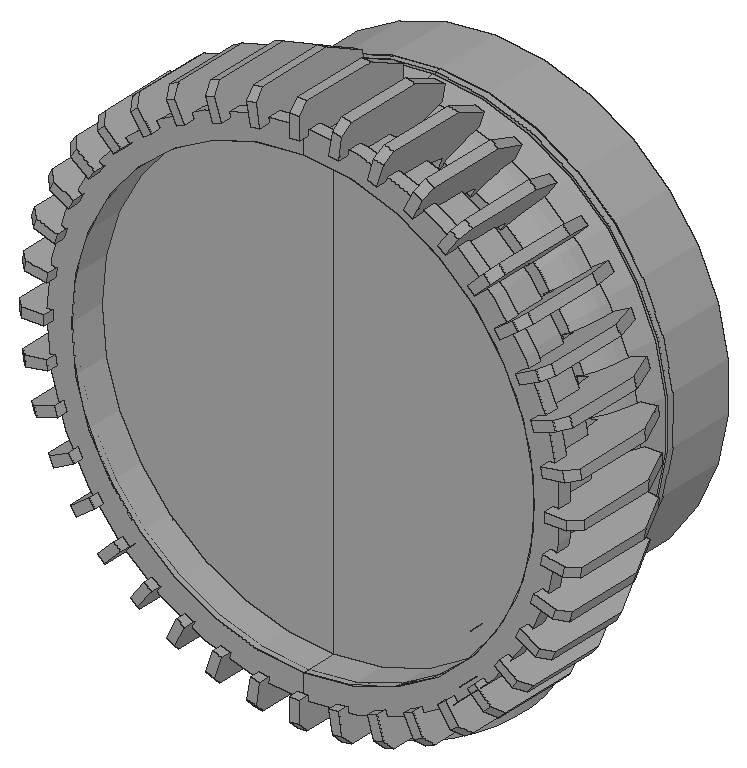
Revit family "KSL_Kemlu-Wall Mount", category Lighting Fixtures, host Face, Revit 2021 (continued)
Definition of nested family "KSL"
  Automatic sketch dimensions
    Extrusion 35 sketch curve to Extrusion 35 sketch curve = 0' - 0.43044"
    Extrusion 35 sketch curve to Extrusion 35 sketch curve = 0' - 0.57179"
    Extrusion 35 sketch curve to Extrusion 35 sketch curve = 0' - 0 1/4"  (x2)
    Extrusion 35 sketch curve to Extrusion 35 sketch curve = 0' - 0.39395"
    Extrusion 35 sketch curve to Extrusion 35 sketch curve = 0' - 1.02515"
    Extrusion 35 sketch curve to Extrusion 35 sketch curve = 0' - 0.67103"
    Extrusion 35 sketch curve to Extrusion 35 sketch curve = 0' - 1.93305"
    Extrusion 35 sketch curve to Extrusion 35 sketch curve = 0' - 0.08345"
    Extrusion 36 sketch curve to Extrusion 36 sketch curve = 0' - 0 7/16"
    Extrusion 36 sketch curve to Extrusion 36 sketch curve = 0' - 0.13206"
    Extrusion 36 sketch curve to Extrusion 36 sketch curve = 0' - 0.295"
    Extrusion 36 sketch curve to Extrusion 36 sketch curve = 0' - 0.38321"
    Extrusion 36 sketch curve to Extrusion 36 sketch curve = 0' - 0.43044"
    Extrusion 36 sketch curve to Extrusion 36 sketch curve = 0' - 0.57179"
    Extrusion 36 sketch curve to Extrusion 36 sketch curve = 0' - 0 1/4"  (x2)
    Extrusion 36 sketch curve to Extrusion 36 sketch curve = 0' - 0.39395"
    Extrusion 36 sketch curve to Extrusion 36 sketch curve = 0' - 1.02515"
    Extrusion 36 sketch curve to Extrusion 36 sketch curve = 0' - 0.67103"
    Extrusion 36 sketch curve to Extrusion 36 sketch curve = 0' - 1.93305"
    Extrusion 36 sketch curve to Extrusion 36 sketch curve = 0' - 0.08345"
    Extrusion 37 sketch curve to Extrusion 37 sketch curve = 0' - 0 7/16"
    Extrusion 37 sketch curve to Extrusion 37 sketch curve = 0' - 0.13206"
    Extrusion 37 sketch curve to Extrusion 37 sketch curve = 0' - 0.295"
    Extrusion 37 sketch curve to Extrusion 37 sketch curve = 0' - 0.38321"
    Extrusion 37 sketch curve to Extrusion 37 sketch curve = 0' - 0.43044"
    Extrusion 37 sketch curve to Extrusion 37 sketch curve = 0' - 0.57179"
    Extrusion 37 sketch curve to Extrusion 37 sketch curve = 0' - 0 1/4"  (x2)
    Extrusion 37 sketch curve to Extrusion 37 sketch curve = 0' - 0.39395"
    Extrusion 37 sketch curve to Extrusion 37 sketch curve = 0' - 1.02515"
    Extrusion 37 sketch curve to Extrusion 37 sketch curve = 0' - 0.67103"
    Extrusion 37 sketch curve to Extrusion 37 sketch curve = 0' - 1.93305"
    Extrusion 37 sketch curve to Extrusion 37 sketch curve = 0' - 0.08345"
    Extrusion 38 sketch curve to Extrusion 38 sketch curve = 0' - 0 7/16"
    Extrusion 38 sketch curve to Extrusion 38 sketch curve = 0' - 0.13206"
    Extrusion 38 sketch curve to Extrusion 38 sketch curve = 0' - 0.295"
    Extrusion 38 sketch curve to Extrusion 38 sketch curve = 0' - 0.38321"
    Extrusion 38 sketch curve to Extrusion 38 sketch curve = 0' - 0.43044"
    Extrusion 38 sketch curve to Extrusion 38 sketch curve = 0' - 0.57179"
    Extrusion 38 sketch curve to Extrusion 38 sketch curve = 0' - 0 1/4"  (x2)
    Extrusion 38 sketch curve to Extrusion 38 sketch curve = 0' - 0.39395"
    Extrusion 38 sketch curve to Extrusion 38 sketch curve = 0' - 1.02515"
    Extrusion 38 sketch curve to Extrusion 38 sketch curve = 0' - 0.67103"
    Extrusion 38 sketch curve to Extrusion 38 sketch curve = 0' - 1.93305"
    Extrusion 38 sketch curve to Extrusion 38 sketch curve = 0' - 0.08345"
    Extrusion 39 sketch curve to Extrusion 39 sketch curve = 0' - 0 7/16"
    Extrusion 39 sketch curve to Extrusion 39 sketch curve = 0' - 0.13206"
    Extrusion 39 sketch curve to Extrusion 39 sketch curve = 0' - 0.295"
    Extrusion 39 sketch curve to Extrusion 39 sketch curve = 0' - 0.38321"
    Extrusion 39 sketch curve to Extrusion 39 sketch curve = 0' - 0.43044"
    Extrusion 39 sketch curve to Extrusion 39 sketch curve = 0' - 0.57179"
    Extrusion 39 sketch curve to Extrusion 39 sketch curve = 0' - 0 1/4"  (x2)
    Extrusion 39 sketch curve to Extrusion 39 sketch curve = 0' - 0.39395"
    Extrusion 39 sketch curve to Extrusion 39 sketch curve = 0' - 1.02515"
    Extrusion 39 sketch curve to Extrusion 39 sketch curve = 0' - 0.67103"
    Extrusion 39 sketch curve to Extrusion 39 sketch curve = 0' - 1.93305"
    Extrusion 39 sketch curve to Extrusion 39 sketch curve = 0' - 0.08345"
    Extrusion 40 sketch curve to Extrusion 40 sketch curve = 0' - 0 7/16"
    Extrusion 40 sketch curve to Extrusion 40 sketch curve = 0' - 0.13206"
    Extrusion 40 sketch curve to Extrusion 40 sketch curve = 0' - 0.295"
    Extrusion 40 sketch curve to Extrusion 40 sketch curve = 0' - 0.38321"
    Extrusion 40 sketch curve to Extrusion 40 sketch curve = 0' - 0.43044"
    Extrusion 40 sketch curve to Extrusion 40 sketch curve = 0' - 0.57179"
    Extrusion 40 sketch curve to Extrusion 40 sketch curve = 0' - 0 1/4"  (x2)
    Extrusion 40 sketch curve to Extrusion 40 sketch curve = 0' - 0.39395"
    Extrusion 40 sketch curve to Extrusion 40 sketch curve = 0' - 1.02515"
    Extrusion 40 sketch curve to Extrusion 40 sketch curve = 0' - 0.67103"
    Extrusion 40 sketch curve to Extrusion 40 sketch curve = 0' - 1.93305"
    Extrusion 40 sketch curve to Extrusion 40 sketch curve = 0' - 0.08345"
    Extrusion 41 sketch curve to Extrusion 41 sketch curve = 0' - 0 7/16"
    Extrusion 41 sketch curve to Extrusion 41 sketch curve = 0' - 0.13206"
    Extrusion 41 sketch curve to Extrusion 41 sketch curve = 0' - 0.295"
    Extrusion 41 sketch curve to Extrusion 41 sketch curve = 0' - 0.38321"
    Extrusion 41 sketch curve to Extrusion 41 sketch curve = 0' - 0.43044"
    Extrusion 41 sketch curve to Extrusion 41 sketch curve = 0' - 0.57179"
    Extrusion 41 sketch curve to Extrusion 41 sketch curve = 0' - 0 1/4"  (x2)
    Extrusion 41 sketch curve to Extrusion 41 sketch curve = 0' - 0.39395"
    Extrusion 41 sketch curve to Extrusion 41 sketch curve = 0' - 1.02515"
    Extrusion 41 sketch curve to Extrusion 41 sketch curve = 0' - 0.67103"
    Extrusion 41 sketch curve to Extrusion 41 sketch curve = 0' - 1.93305"
    Extrusion 41 sketch curve to Extrusion 41 sketch curve = 0' - 0.08345"
    Extrusion 42 sketch curve to Extrusion 42 sketch curve = 0' - 0 7/16"
    Extrusion 42 sketch curve to Extrusion 42 sketch curve = 0' - 0.13206"
    Extrusion 42 sketch curve to Extrusion 42 sketch curve = 0' - 0.295"
    Extrusion 42 sketch curve to Extrusion 42 sketch curve = 0' - 0.38321"
    Extrusion 42 sketch curve to Extrusion 42 sketch curve = 0' - 0.43044"
    Extrusion 42 sketch curve to Extrusion 42 sketch curve = 0' - 0.57179"
    Extrusion 42 sketch curve to Extrusion 42 sketch curve = 0' - 0 1/4"  (x2)
    Extrusion 42 sketch curve to Extrusion 42 sketch curve = 0' - 0.39395"
    Extrusion 42 sketch curve to Extrusion 42 sketch curve = 0' - 1.02515"
    Extrusion 42 sketch curve to Extrusion 42 sketch curve = 0' - 0.67103"
    Extrusion 42 sketch curve to Extrusion 42 sketch curve = 0' - 1.93305"
    Extrusion 42 sketch curve to Extrusion 42 sketch curve = 0' - 0.08345"
    Extrusion 43 sketch curve to Extrusion 43 sketch curve = 0' - 0 7/16"
    Extrusion 43 sketch curve to Extrusion 43 sketch curve = 0' - 0.13206"
    Extrusion 43 sketch curve to Extrusion 43 sketch curve = 0' - 0.295"
    Extrusion 43 sketch curve to Extrusion 43 sketch curve = 0' - 0.38321"
    Extrusion 43 sketch curve to Extrusion 43 sketch curve = 0' - 0.43044"
    Extrusion 43 sketch curve to Extrusion 43 sketch curve = 0' - 0.57179"
    Extrusion 43 sketch curve to Extrusion 43 sketch curve = 0' - 0 1/4"  (x2)
    Extrusion 43 sketch curve to Extrusion 43 sketch curve = 0' - 0.39395"
    Extrusion 43 sketch curve to Extrusion 43 sketch curve = 0' - 1.02515"
    Extrusion 43 sketch curve to Extrusion 43 sketch curve = 0' - 0.67103"
    Extrusion 43 sketch curve to Extrusion 43 sketch curve = 0' - 1.93305"
    Extrusion 43 sketch curve to Extrusion 43 sketch curve = 0' - 0.08345"
    Extrusion 1 sketch curve to Extrusion 1 sketch curve = 8' - 0"  (x2)
    curve 8 to plane 7 = 0' - 0.35927"
    level to curve 10 = 0' - 1 3/4"
    curve 1 to plane 3 "Center (Left/Right)" = 0' - 0"
    plane 7 to curve 5 = 0' - 0"
    curve 11 to plane 7 = 0' - 0.35927"
    curve 2 to plane 7 = 0' - 0.45302"
    curve 8 to curve 8 = 0' - 0.39073"
    curve 2 to curve 4 = 0' - 0.39073"
    curve 4 to curve 4 = 0' - 0 1/4"
    plane 7 to curve 10 = 0' - 0.75471"
    plane 7 to curve 7 = 0' - 0.72501"
    plane 7 to curve 11 = 0' - 0.6022"
    plane 7 to curve 12 = 0' - 0.39176"
    plane 5 to curve 12 = 0' - 0.25875"
    curve 9 to curve 9 = 0' - 1"
    curve 7 to curve 6 = 0' - 0.62254"
    curve 5 to curve 2 = 0' - 0.37746"
    Revolve 2 sketch curve to level = 0' - 0"
    Revolve 2 sketch curve to plane 3 "Center (Left/Right)" = 0' - 0"  (x2)
    plane 7 to Revolve 2 sketch curve = 0' - 0"  (x2)
    level to Revolve 2 sketch curve = 0' - 0.16729"
    Revolve 2 sketch curve to plane 7 = 0' - 0.23742"
    Revolve 2 sketch curve to Revolve 2 sketch curve = 0' - 0.39032"
    Revolve 2 sketch curve to plane 7 = 0' - 0.45302"
    Revolve 2 sketch curve to Revolve 2 sketch curve = 0' - 0.49031"
    Revolve 2 sketch curve to Revolve 2 sketch curve = 0' - 0.00969"
    Revolve 2 sketch curve to Revolve 2 sketch curve = 0' - 0.51192"
    Revolve 2 sketch curve to Revolve 2 sketch curve = 0' - 0.39073"
    Revolve 2 sketch curve to Revolve 2 sketch curve = 0' - 0 1/4"
    plane 7 to Revolve 2 sketch curve = 0' - 0.70329"
    Revolve 2 sketch curve to Revolve 2 sketch curve = 0' - 0.08271"
    Revolve 2 sketch curve to Revolve 2 sketch curve = 0' - 1 1/8"
    Revolve 2 sketch curve to Revolve 2 sketch curve = 0' - 0.72893"
    Revolve 2 sketch curve to Revolve 2 sketch curve = 0' - 0.37746"
    Revolve 2 sketch curve to Revolve 2 sketch curve = 0' - 0.62007"
    Revolve 2 sketch curve to Revolve 2 sketch curve = 0' - 0.3497"
    Revolve 2 sketch curve to Revolve 2 sketch curve = 0' - 5 13/16"
    level to curve 6 = 0' - 5.37007"
    curve 4 to curve 12 = 0' - 0.3497"
    curve 4 to curve 2 = 0' - 0.55259"
    curve 12 to curve 3 = 0' - 0.2029"
    Revolve 2 sketch curve to Revolve 2 sketch curve = 0' - 3 3/4"
Types (10): name | Wattage Comments | Wattage | Watt | Photometric Web File | Optics | built-in parameter 1150105 | Lumens | Lamp | built-in parameter 1150106 | built-in parameter 1150104 | Apparent Load
  (no name) | "43 Watts" | 43 W | 43 W | "KXL-18L-X-5K-5M.ies" | "Type V Square" | 352.45 (stored number, unit not read) | 4429 lm | "18 High Performanc LEDs" | 3.5245 (stored number, unit not read) | 9.569 (stored number, unit not read) | 43 VA
  KSL-18L-X-5K-5M | "43 Watts" | 43 W | 43 W | "KXL-18L-X-5K-5M.ies" | "Type V Square" | 352.45 (stored number, unit not read) | 4429 lm | "18 High Performanc LEDs" | 3.5245 (stored number, unit not read) | 9.569 (stored number, unit not read) | 43 VA
  KSL-18L-X-5K-5R | "43 Watts" | 43 W | 43 W | "KXL-18L-X-5K-5R.ies" | "Type V Rectangle" | 345.6 (stored number, unit not read) | 4343 lm | "18 High Performanc LEDs" | 3.456 (stored number, unit not read) | 9.3832 (stored number, unit not read) | 43 VA
  KSL-18L-X-5K-N | "43 Watts" | 43 W | 43 W | "KXL-18L-X-5K-N.ies" | "Narrow" | 349.03 (stored number, unit not read) | 4386 lm | "18 High Performanc LEDs" | 3.4903 (stored number, unit not read) | 9.4761 (stored number, unit not read) | 43 VA
  KSL-24L-X-5K-5M | "57 Watts" | 57 W | 57 W | "KXL-24L-X-5K-5M.ies" | "Type V Square" | 476.27 (stored number, unit not read) | 5985 lm | "24 High Performanc LEDs" | 4.7627 (stored number, unit not read) | 9.7548 (stored number, unit not read) | 57 VA
  KSL-24L-X-5K-5R | "57 Watts" | 57 W | 57 W | "KXL-24L-X-5K-5R.ies" | "Type V Rectangle" | 453.59 (stored number, unit not read) | 5700 lm | "24 High Performanc LEDs" | 4.5359 (stored number, unit not read) | 9.2903 (stored number, unit not read) | 57 VA
  KSL-24L-X-5K-N | "57 Watts" | 57 W | 57 W | "KXL-24L-X-5K-N.ies" | "Narrow" | 467.2 (stored number, unit not read) | 5871 lm | "24 High Performanc LEDs" | 4.672 (stored number, unit not read) | 9.569 (stored number, unit not read) | 57 VA
  KSL-36L-X-5K-5M | "86 Watts" | 86 W | 86 W | "KXL-36L-X-5K-5M.ies" | "Type V Square" | 718.58 (stored number, unit not read) | 9030 lm | "36 High Performanc LEDs" | 7.1858 (stored number, unit not read) | 9.7548 (stored number, unit not read) | 86 VA
  KSL-36L-X-5K-5R | "86 Watts" | 86 W | 86 W | "KXL-36L-X-5K-5R.ies" | "Type V Rectangle" | 677.52 (stored number, unit not read) | 8514 lm | "36 High Performanc LEDs" | 6.7752 (stored number, unit not read) | 9.1974 (stored number, unit not read) | 86 VA
  KSL-36L-X-5K-N | "86 Watts" | 86 W | 86 W | "KXL-36L-X-5K-N.ies" | "Narrow" | 698.05 (stored number, unit not read) | 8772 lm | "36 High Performanc LEDs" | 6.9805 (stored number, unit not read) | 9.4761 (stored number, unit not read) | 86 VA
